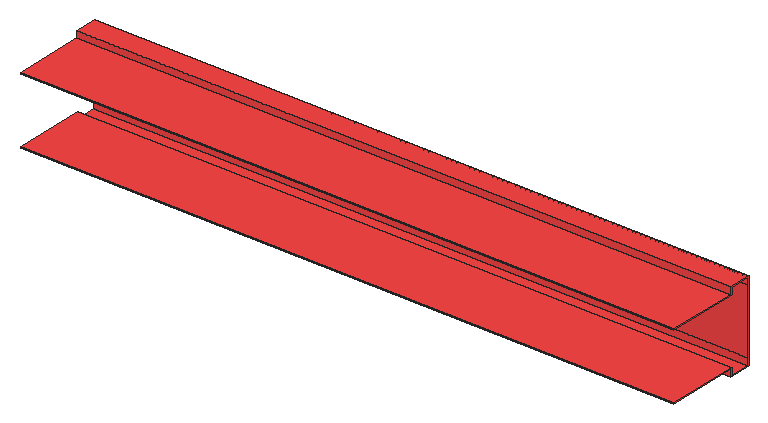
Revit family "Blazeframe RTC-1HR-4in", category Structural Framing, Revit 2024
Family settings
  Section Shape = Not Defined
  Material for Model Behavior = Steel
  Always export as geometry = No
  Always vertical = Yes
  Cut with Voids When Loaded = No
  Symbolic Representation = From Project Settings
  Shared = No
  Show family pre-cut in plan views = Yes
Parameters (values of type "600RTC625-54")
  temp_t = if(tf < 0' 0 1/32", 0' 0 1/32", tf)  # 0' - 0.0566"
  fy = 50
  Structural Material = MWF-Red-(unassigned)
  Short Tag = ""
  Model = "V2"
  Long Tag = ""
  A = 0.25 in²
  Assembly Code = "B10"
  Length [instance] = 5' - 0"
  W = 0.85
  bf = 0' - 3 1/4"
  d = 0' - 6"
  tf = 0' - 0.0566"
Types (7): name | Structural Material | d
  800RTC625-54 | Metal - Steel - ASTM A992 | 0' - 8"
  600RTC625-54 | MWF-Red-(unassigned) | 0' - 6"
  400RTC625-54 | Metal - Steel - ASTM A992 | 0' - 4"
  362RTC625-54 | Metal - Steel - ASTM A992 | 0' - 3.62"
  250RTC625-54 | Metal - Steel - ASTM A992 | 0' - 2 1/2"
  1200RTC625-54 | Metal - Steel - ASTM A992 | 1' - 0"
  1000RTC625-54 | Metal - Steel - ASTM A992 | 0' - 10"
Reference planes (in)
  plane 1 "Center (Front/Back)": y = 0
  plane 2: z = 0
  plane 3 "Center (Left/Right)": x = 0.1815
  plane 4 "Top": z = 3.0566
  plane 5: z = -3.0566
  plane 6 "Left": x = -29.8185
  plane 7 "Right": x = 30.1815
  plane 8: y = -1.625
  plane 9: y = 1.625
  plane 10: y = 1.5684
  plane 11: z = 3
  plane 12: z = -3
  plane 13: y = -0.71989
  plane 14: x = -29.3185
  plane 15: x = 29.6815
Forms (in)
  Extrusion 1, solid, material "MWF-Red-(unassigned)" <- "Structural Material", detail levels medium+fine
    sketch origin (-29.8185, 0.02734, 0.16016) x (0, -1, 0) y (0, 0, 1)
      loop
        line (6.90234, 2.89644) -> (0.40234, 2.89644) -> (0.40234, 3.52144) -> (-1.59766, 3.52144) -> (-1.59766, 2.89644) -> (-1.59766, -3.21676) -> (-1.59766, -3.84176) -> (0.40234, -3.84176) -> (0.40234, -3.21676) -> (6.90234, -3.21676) -> (6.90234, -3.16016) -> (0.33394, -3.16016) -> (0.33394, -3.78516) -> (-1.54106, -3.78516) -> (-1.54106, -3.16016) -> (-1.54106, 2.83984) -> (-1.54106, 3.46484) -> (0.33394, 3.46484) -> (0.33394, 2.83984) -> (6.90234, 2.83984) -> (6.90234, 2.89644)
    from -60 to 0
Lines and regions (in)
  model lines, style "BIMSF.Framing", detail levels coarse
    curve 1: line (-29.8185, 0, 0) -> (30.1815, 0, 0)
Dimensions and locks (in)
  "d": plane 12 to plane 11
  equal spacing: plane 5, plane 2, plane 4 "Top"
  "Length": plane 6 "Left" to plane 7 "Right"
  "bf": plane 9 to plane 8
  equal spacing: plane 9, plane 1 "Center (Front/Back)", plane 8
  "temp_t": plane 4 "Top" to plane 11
  "temp_t": plane 12 to plane 5
  "temp_t": plane 9 to plane 10
  locked: plane 6 "Left" to plane 14 at 0.5
  locked: plane 15 to plane 7 "Right" at 0.5
  Extrusion 1 to Extrusion 1 = 0' - 8 1/2"
  Extrusion 1 sketch curve to Extrusion 1 sketch curve = 0' - 2"
  Extrusion 1 sketch curve to Extrusion 1 sketch curve = 0' - 8 1/2"
  Extrusion 1 to Extrusion 1 to Extrusion 1 = 0' - 2", 0' - 6 1/2"
  Extrusion 1 to Extrusion 1 = 0' - 0 5/8"  (x2)
  aligned and locked: Extrusion 1 sketch curve to plane 4 "Top"
  aligned and locked: Extrusion 1 sketch curve to plane 11
  aligned and locked: plane 10 to Extrusion 1 sketch curve
  aligned and locked: Extrusion 1 sketch curve to plane 9
  aligned and locked: plane 2 to level
  aligned and locked: Extrusion 1 to plane 7 "Right"
  aligned and locked: plane 6 "Left" to Extrusion 1
  aligned and locked: plane 7 "Right" to curve 1
Automatic sketch dimensions
  curve 1 to plane 6 "Left" = 0' - 0"
  plane 1 "Center (Front/Back)" to curve 1 = 0' - 0"
  Extrusion 1 sketch curve to plane 12 = 0' - 0"  (x2)
  plane 5 to Extrusion 1 sketch curve = 0' - 0"  (x2)
  Extrusion 1 sketch curve to plane 11 = 0' - 0"
  plane 4 "Top" to Extrusion 1 sketch curve = 0' - 0"
  Extrusion 1 sketch curve to Extrusion 1 sketch curve = 0' - 0.0684"  (x2)
  plane 1 "Center (Front/Back)" to Extrusion 1 sketch curve = 0' - 0.3066"
  plane 8 to Extrusion 1 sketch curve = 0' - 5 1/4"
  plane 5 to Extrusion 1 sketch curve = 0' - 0.5684"
  Extrusion 1 sketch curve to Extrusion 1 sketch curve = 0' - 0.0566"  (x2)
  Extrusion 1 sketch curve to plane 4 "Top" = 0' - 0.5684"
